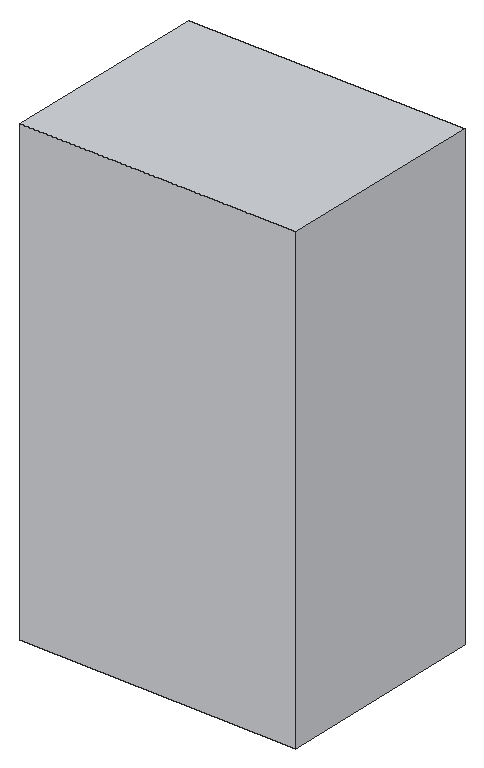
Revit family
Parameters
  Warranty Duration (Years) = 0
  Unit Width [instance] = 1' - 8 177/256"
  Unit Height [instance] = 0' - 9 99/256"
  Unit Depth = 0' - 0"
  URL = "http://www.americanspecialties.com/viewCategories.cfm"
  Trim Material = Plastic 2
  Test Data = ""
  Specification = "http://www.arcat.com/sdspecs/htm/10810asi.htm"
  SpecWizard = ""
  Send Message = "http://www.arcat.com/users.pl?action=UserEmail&company=American%20Specialties,%20Inc.&coid=30448&rep=139&fax=914-476-0688&mf="
  Sales Information = "http://www.americanspecialties.com/contact"
  Revision = "R1_10-2010"
  Product Properties = "http://www.americanspecialties.com/datasheets/0362-0363.pdf"
  Product Data = "http://www.arcat.com/arcatcos/cos30/arc30448.html"
  Model = "As Specified in 10 28 13"
  Manufacturer Website = "http://www.americanspecialties.com/viewCategories.cfm"
  Manufacturer Phone - Toll Free = ""
  Manufacturer Phone = "914-476-9000 "
  Manufacturer Fax = "914-476-0688"
  Manufacturer Address = "441 Saw Mill River Rd., Yonkers, NY 10701"
  Manufacturer = "American Specialties, Inc."
  Maintenance Schedule (Months) = 0
  Keynote = "10 28 13"
  Installation-Fabrication = "http://www.americanspecialties.com/products.cfm"
  Green Building-LEED = ""
  Expected Lifespan (Years) = 0
  Drawn By = "Robert S. Weygant. CSI, CDT, SCIP"  # constant formula
  Description = "Toilet Accessory as Specified in 10 28 13"
  Default Elevation = 4' - 0"
  Copyright = "©Arcat Inc."
  Construction Details = "http://www.arcat.com/green/clients/leed_data_30448.html"
  Building Codes = "http://www.americanspecialties.com/products.cfm"
  Body Material = Metal - Stainless Steel
  Assembly Code = "C1030210"
Reference planes (in)
  plane 1 "Center (Front/Back)": y = -0.29112
  plane 2 "Floor Line": z = 0
  plane 3 "Center (Left/Right)": x = -0.65843
  plane 4: z = 52.69336
  plane 5: x = -11.00414
  plane 6: x = 9.68727
  plane 7: z = 48
  plane 8: z = 57.38672
Forms (in)
  Extrusion 1, solid
    sketch origin (-3, -9, -6) x (0, 0, -1) y (1, 0, 0)
      loop
        line (-82, 26) -> (-82, -19.34712) -> (-6, -19.34712) -> (-6, 26) -> (-82, 26)
    from 9 to -25.60721
  Extrusion 2, solid, material "Plastic 2" <- "Trim Material"
    sketch origin (0, 5.02138, 0) x (1, 0, 0) y (0, 0, 1)
      loop
        line (-2.79768, 0) -> (1.48081, 0) -> (1.48081, 0.61708)
        arc (1.48081, 0.61708) -> (-0.65843, 4.125) -> (-2.79768, 0.61708) r 2.40625
        line (-2.79768, 0.61708) -> (-2.79768, 0)
    from 0 to 1
  Extrusion 3, void
    sketch origin (-0.65843, 4.3125, 0) x (0, 1, 0) y (0, 0, 1)
      loop
        line (0.70888, 1.20182) -> (0.70888, 4.125) -> (0.19345, 4.125) -> (0.70888, 1.20182)
    from -2.6205 to 2.63763
  Extrusion 4, solid, material "Plastic 2" <- "Trim Material"
    sketch origin (-0.65843, 4.3125, 0) x (0, 1, 0) y (0, 0, 1)
      loop
        line (-0.29112, 0) -> (-0.29112, 0.61708) -> (-9.91612, 0.61708) -> (-9.91612, 0.10156)
        arc (-9.91612, 0.10156) -> (-9.88637, 0.02975) -> (-9.81455, 0) r 0.10156
        line (-9.81455, 0) -> (-0.29112, 0)
    from -2.13924 to 2.13924
  Extrusion 5, solid, material "Metal - Stainless Steel" <- "Body Material"
    sketch origin (0, 4.02138, 0) x (1, 0, 0) y (0, 0, 1)
      loop
        line (-2.68276, 0.61708) -> (1.36589, 0.61708)
        arc (1.36589, 0.61708) -> (-0.65843, 4.02344) -> (-2.68276, 0.61708) r 2.30469
    from 0 to 8.61526
  Extrusion 6, solid, material "Plastic 2" <- "Trim Material"
    sketch origin (0, 4.02138, 0) x (1, 0, 0) y (0, 0, 1)
      loop
        line (-3.0085, 1.20182) -> (1.69163, 1.20182)
        arc (1.69163, 1.20182) -> (-0.65843, 4.125) -> (-3.0085, 1.20182) r 2.40625
    from 8.61526 to 9.00207
  Extrusion 7, solid, material "Plastic 2" <- "Trim Material"
    sketch origin (-0.65843, 4.3125, 0) x (0, 1, 0) y (0, 0, 1)
      loop
        arc (-9.29319, 1.20182) -> (-9.52097, 0.8203) -> (-9.91612, 0.61708) r 0.80738
        line (-9.91612, 0.61708) -> (-8.90638, 0.61708) -> (-8.90638, 1.20182) -> (-9.29319, 1.20182)
    from -2.35007 to 2.35007
  Extrusion 8, void
    sketch origin (0, 4.02138, 0) x (1, 0, 0) y (0, 0, 1)
      loop
        line (1.69163, 0.61708) -> (1.69163, 1.20182) -> (1.48081, 0.61708) -> (1.69163, 0.61708)
      loop
        line (-3.0085, 0.61708) -> (-2.79768, 0.61708) -> (-3.0085, 1.20182) -> (-3.0085, 0.61708)
    from 0 to 12
  Extrusion 9, void
    sketch origin (0, 0, 0) x (1, 0, 0) y (0, 1, 0)
      loop
        arc (-0.75843, -1.29112) -> (-0.65843, -1.39112) -> (-0.55843, -1.29112) r 0.1
        line (-0.55843, -1.29112) -> (-0.55843, 2.70888)
        arc (-0.55843, 2.70888) -> (-0.65843, 2.80888) -> (-0.75843, 2.70888) r 0.1
        line (-0.75843, 2.70888) -> (-0.75843, -1.29112)
    from 3.99487 to 4.0514
  Extrusion 10, solid, material "Plastic 2" <- "Trim Material"
    sketch origin (0, 0, 0) x (1, 0, 0) y (0, 1, 0)
      loop
        line (-0.55843, -1.29112) -> (-0.55843, 2.70888)
        arc (-0.55843, 2.70888) -> (-0.65843, 2.80888) -> (-0.75843, 2.70888) r 0.1
        line (-0.75843, 2.70888) -> (-0.75843, -1.29112)
        arc (-0.75843, -1.29112) -> (-0.65843, -1.39112) -> (-0.55843, -1.29112) r 0.1
    from 3.99487 to 4.01505
  Extrusion 11, solid, material "Plastic 2" <- "Trim Material"
    sketch origin (0, -0.29112, -0.8585) x (1, 0, 0) y (0, 0, 1)
      loop
        circle (-0.65843, 3.93662) r 0.03669
    from 4.68957 to 5.01465
  Extrusion 12, void
    sketch origin (0, 0, 0) x (1, 0, 0) y (0, 1, 0)
      loop
        line (-2.40843, -2.15343) -> (-2.40843, -4.15343) -> (1.09157, -4.15343) -> (1.09157, -2.15343) -> (-2.40843, -2.15343)
      loop
        line (-2.40843, 1.57119) -> (1.09157, 1.57119) -> (1.09157, 3.57119) -> (-2.40843, 3.57119) -> (-2.40843, 1.57119)
      loop
        line (-2.40843, -0.67881) -> (1.09157, -0.67881) -> (1.09157, 1.32119) -> (-2.40843, 1.32119) -> (-2.40843, -0.67881)
      loop
        arc (-1.7634, 4.42763) -> (-1.72093, 4.29771) -> (-1.67846, 4.42763) r 0.0719
        line (-1.67846, 4.42763) -> (-1.67846, 4.55756)
        arc (-1.67846, 4.55756) -> (-1.72093, 4.60003) -> (-1.7634, 4.55756) r 0.04247
        line (-1.7634, 4.55756) -> (-1.7634, 4.42763)
      loop
        line (0.44654, 4.42763) -> (0.44654, 4.55756)
        arc (0.44654, 4.55756) -> (0.40407, 4.60003) -> (0.3616, 4.55756) r 0.04247
        line (0.3616, 4.55756) -> (0.3616, 4.42763)
        arc (0.3616, 4.42763) -> (0.40407, 4.29771) -> (0.44654, 4.42763) r 0.0719
    from 0 to 0.05976
Cuts and joins
  Extrusion 3, Extrusion 12 cuts Extrusion 2
  Extrusion 8, Extrusion 9, Extrusion 12 cuts Extrusion 4
  joined: Extrusion 2, Extrusion 4
  Extrusion 8, Extrusion 9, Extrusion 12 cuts Extrusion 5
  Extrusion 8 cuts Extrusion 6
  Extrusion 8 cuts Extrusion 7
  Extrusion 12 cuts Extrusion 10
Dimensions and locks (in)
  equal spacing: plane 8, plane 4, plane 7
  equal spacing: plane 6, plane 3 "Center (Left/Right)", plane 5
  "Unit Width": plane 6 to plane 5
  "Unit Height": plane 8 to plane 7
  "Default Elevation": plane 7 to plane 2 "Floor Line"
  aligned and locked: Extrusion 1 to level
  aligned and locked: Extrusion 7 to Extrusion 6  (x2)
  aligned and locked: Extrusion 5 to Extrusion 6
  aligned and locked: Extrusion 10 to cut or joined group of Extrusion 5, Extrusion 8, Extrusion 9, Extrusion 12
  aligned and locked: Extrusion 11 to cut or joined group of Extrusion 6, Extrusion 8
Automatic sketch dimensions
  Extrusion 1 sketch curve to Extrusion 1 sketch curve = 6' - 4"
  Extrusion 1 sketch curve to Extrusion 1 sketch curve = 3' - 9.34712"
  Extrusion 2 sketch curve to level = 0' - 0"
  Extrusion 2 sketch curve to plane 3 "Center (Left/Right)" = 0' - 0"
  level to Extrusion 2 sketch curve = 0' - 0.61708"  (x2)
  Extrusion 2 sketch curve to plane 3 "Center (Left/Right)" = 0' - 2.13924"
  level to Extrusion 2 sketch curve = 0' - 1 23/32"
  Extrusion 3 sketch curve to plane 1 "Center (Front/Back)" = 0' - 4.79706"
  Extrusion 3 sketch curve to Extrusion 3 sketch curve = 0' - 0.51544"
  level to Extrusion 3 sketch curve = 0' - 1.20182"
  Extrusion 3 sketch curve to Extrusion 3 sketch curve = 0' - 2.92318"
  Extrusion 4 sketch curve to level = 0' - 0"
  level to Extrusion 4 sketch curve = 0' - 0 13/128"
  plane 1 "Center (Front/Back)" to Extrusion 4 sketch curve = 0' - 5 5/16"
  level to Extrusion 4 sketch curve = 0' - 0.61708"
  Extrusion 4 sketch curve to plane 1 "Center (Front/Back)" = 0' - 4 5/16"
  Extrusion 5 sketch curve to plane 3 "Center (Left/Right)" = 0' - 0"
  level to Extrusion 5 sketch curve = 0' - 0.61708"
  Extrusion 5 sketch curve to plane 3 "Center (Left/Right)" = 0' - 2.02433"
  level to Extrusion 5 sketch curve = 0' - 1 23/32"
  Extrusion 6 sketch curve to plane 3 "Center (Left/Right)" = 0' - 0"
  level to Extrusion 6 sketch curve = 0' - 1.20182"
  Extrusion 6 sketch curve to plane 3 "Center (Left/Right)" = 0' - 2.35007"
  level to Extrusion 6 sketch curve = 0' - 1 23/32"
  level to Extrusion 7 sketch curve = 0' - 1.40896"
  plane 1 "Center (Front/Back)" to Extrusion 7 sketch curve = 0' - 5.46993"
  Extrusion 7 sketch curve to Extrusion 7 sketch curve = 0' - 0.15743"
  Extrusion 7 sketch curve to Extrusion 7 sketch curve = 0' - 0.78036"
  Extrusion 7 sketch curve to Extrusion 7 sketch curve = 0' - 0.38682"
  Extrusion 7 sketch curve to Extrusion 7 sketch curve = 0' - 0.20715"
  level to Extrusion 8 sketch curve = 0' - 0.61708"  (x2)
  Extrusion 8 sketch curve to plane 3 "Center (Left/Right)" = 0' - 2.35007"
  Extrusion 8 sketch curve to Extrusion 8 sketch curve = 0' - 0.21083"  (x2)
  plane 3 "Center (Left/Right)" to Extrusion 8 sketch curve = 0' - 2.13924"
  Extrusion 8 sketch curve to Extrusion 8 sketch curve = 0' - 0.58474"  (x2)
  Extrusion 9 sketch curve to plane 3 "Center (Left/Right)" = 0' - 0"
  Extrusion 9 sketch curve to plane 3 "Center (Left/Right)" = 0' - 0.1"
  Extrusion 9 sketch curve to plane 1 "Center (Front/Back)" = 0' - 3"
  plane 1 "Center (Front/Back)" to Extrusion 9 sketch curve = 0' - 1"
  Extrusion 10 sketch curve to plane 3 "Center (Left/Right)" = 0' - 0.1"
  Extrusion 10 sketch curve to plane 3 "Center (Left/Right)" = 0' - 0"
  plane 1 "Center (Front/Back)" to Extrusion 10 sketch curve = 0' - 1"
  Extrusion 10 sketch curve to plane 1 "Center (Front/Back)" = 0' - 3"
  Extrusion 11 sketch curve to plane 3 "Center (Left/Right)" = 0' - 0"
  level to Extrusion 11 sketch curve = 0' - 3 5/64"
  Extrusion 12 sketch curve to plane 3 "Center (Left/Right)" = 0' - 1.02003"
  Extrusion 12 sketch curve to Extrusion 12 sketch curve = 0' - 0.04247"  (x3)
  Extrusion 12 sketch curve to Extrusion 12 sketch curve = 0' - 0 11/16"
  Extrusion 12 sketch curve to plane 3 "Center (Left/Right)" = 0' - 1 3/4"
  plane 1 "Center (Front/Back)" to Extrusion 12 sketch curve = 0' - 0.38769"
  Extrusion 12 sketch curve to Extrusion 12 sketch curve = 0' - 0"  (x2)
  plane 3 "Center (Left/Right)" to Extrusion 12 sketch curve = 0' - 1.02003"
  plane 3 "Center (Left/Right)" to Extrusion 12 sketch curve = 0' - 1 3/4"  (x2)
  Extrusion 12 sketch curve to Extrusion 12 sketch curve = 0' - 1.47462"
  Extrusion 12 sketch curve to Extrusion 12 sketch curve = 0' - 2"  (x2)
  Extrusion 12 sketch curve to plane 1 "Center (Front/Back)" = 0' - 1.61231"
  Extrusion 12 sketch curve to Extrusion 12 sketch curve = 0' - 0 1/4"
  Extrusion 12 sketch curve to Extrusion 12 sketch curve = 0' - 0.79842"  (x2)
  Extrusion 12 sketch curve to Extrusion 12 sketch curve = 0' - 0.12993"  (x2)
  Extrusion 12 sketch curve to Extrusion 12 sketch curve = 0' - 0.64503"
  Extrusion 12 sketch curve to Extrusion 12 sketch curve = 0' - 0.05802"  (x2)
  radius of Extrusion 11 sketch curve = 0' - 0.03669"
